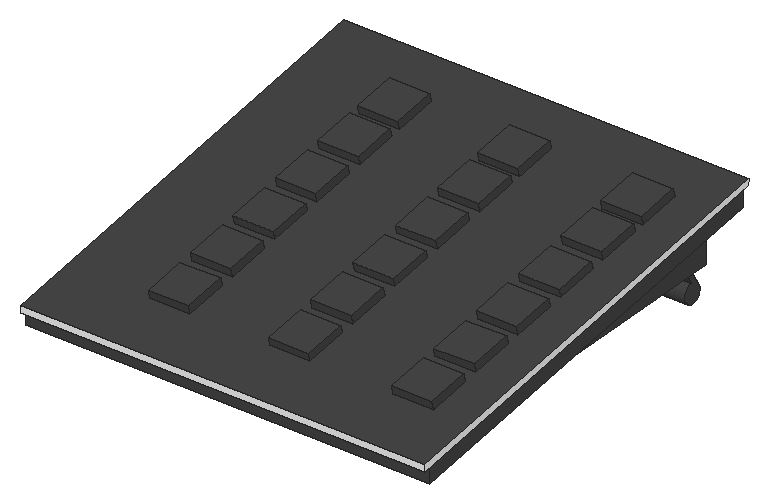
Revit family "Digital_Media-Honeywell-Digital_Key_Module-583526", category Electrical Equipment, host Face, Revit 2017
Family settings
  Host = Face
  Round Connector Dimension = Use Diameter
  Part Type = Equipment Switch
  OmniClass Number = 23.85.50.00
  OmniClass Title = Communication Systems
  Cut with Voids When Loaded = No
  Shared = No
  Room Calculation Point = No
Parameters (values of type "Digital Key Module DKM plus - 583526")
  Width = 200 mm  # constant formula
  Weight = 1.22 kgf  # constant formula
  Watts = 0 W
  Version = "2017 - v1.0a"  # constant formula
  Utility = no
  Power Factor = 1
  Number of Poles = 1
  Manufacturer Phone Number = "02131/40615-600"  # constant formula
  Manufacturer Fax Number = "02131/40615-606"  # constant formula
  Manufacturer Email = "mailto:info@esser-systems.com"
  Manufacturer Address = "Dieselstr. 2 41469 Neuss Germany"  # constant formula
  Load Sub-Classification = no
  Frequency = 0 Hz
  Finish = Metal - Honeywell - Stainless Steel - Black
  URL = "www.esser-systems.com"
  Support Phone = "(224) 699-9545"  # constant formula
  Support Email = "mailto:support@anguleris.com"
  Product Page URL = "https://www.esser-systems.com/en/products/details/variodyn-d1/call-stations/583526-digital-key-module-dkm-plus-1/"
  Product Name = "Digital Key Module"  # constant formula
  Product Documentation Link = "https://www.esser-systems.com/en/products/details/variodyn-d1/call-stations/583526-digital-key-module-dkm-plus-1/download/productdatasheet/3000749"
  Model = "583526"  # constant formula
  Material = ""
  Manufacturer = "Honeywell International"  # constant formula
  Keynote = ""
  Height = 49.4 mm  # constant formula
  Description = "Digital Key Module DKM plus"  # constant formula
  Depth = 200 mm  # constant formula
  Default Elevation = 0 mm
  Copyright = "© Copyright 2005-2019 Honeywell International Inc. All rights reserved."  # constant formula
  Assembly Code = ""
  Apparent Load = 0 VA
  Ambient Temperature = "-5 °C ... 55 °C"  # constant formula
  Air Humidity = "15 ... 95 %"  # constant formula
Reference planes
  plane 1 "Center (Front/Back)": y = 307.025
  plane 2: z = 0
  plane 3 "Center (Left/Right)": x = -38.5
  plane 4: x = -138.5
  plane 5: x = 61.5
  plane 6 "rear": y = 407.025
  plane 7: y = 207.025
  plane 8 "Back": z = 49.4
  plane 9: x = -158.75
  plane 10 "top": through (0, 376.142, 43.015) normal (0, -0.1896, 0.9819)
  plane 11 "MIC": x = -94.904
Forms (mm)
  Extrusion 1, solid, material "Metal - Honeywell - Stainless Steel - Black" <- "Finish"
    sketch origin (-38.5, 0, 0) x (0, 1, 0) y (0, 0, 1)
      loop
        line (210.35, 7.973) -> (210.35, 0.646) -> (403.309, 38.154) -> (403.309, 45.48) -> (210.35, 7.973)
    from -100 to 100
  Extrusion 2, solid, material "Metal - Honeywell - Stainless Steel - Black" <- "Finish"
    sketch origin (-38.5, 0, 0) x (0, 1, 0) y (0, 0, 1)
      loop
        line (406.904, 49.206) -> (207.025, 10.354) -> (207.025, 7.326) -> (406.904, 46.179) -> (406.904, 49.206)
    from 100 to -100
  Extrusion 3, solid, material "Metal - Honeywell - Stainless Steel - Black" <- "Finish"
    sketch origin (1.25, 5.514, -28.556) x (0, 0.981861, 0.189603) y (-1, 0, 0)
      loop
        line (385.943, 39.24) -> (365.943, 39.24) -> (365.943, 19.24) -> (385.943, 19.24) -> (385.943, 39.24)
      loop
        line (385.943, -41.677) -> (385.943, -21.677) -> (365.943, -21.677) -> (365.943, -41.677) -> (385.943, -41.677)
      loop
        line (360.943, 39.24) -> (340.943, 39.24) -> (340.943, 19.24) -> (360.943, 19.24) -> (360.943, 39.24)
      loop
        line (360.943, -41.677) -> (360.943, -21.677) -> (340.943, -21.677) -> (340.943, -41.677) -> (360.943, -41.677)
      loop
        line (334.267, 39.24) -> (314.267, 39.24) -> (314.267, 19.24) -> (334.267, 19.24) -> (334.267, 39.24)
      loop
        line (334.267, -41.677) -> (334.267, -21.677) -> (314.267, -21.677) -> (314.267, -41.677) -> (334.267, -41.677)
      loop
        line (307.591, 39.24) -> (287.591, 39.24) -> (287.591, 19.24) -> (307.591, 19.24) -> (307.591, 39.24)
      loop
        line (307.591, -41.677) -> (307.591, -21.677) -> (287.591, -21.677) -> (287.591, -41.677) -> (307.591, -41.677)
      loop
        line (280.915, 39.24) -> (260.915, 39.24) -> (260.915, 19.24) -> (280.915, 19.24) -> (280.915, 39.24)
      loop
        line (280.915, -41.677) -> (280.915, -21.677) -> (260.915, -21.677) -> (260.915, -41.677) -> (280.915, -41.677)
      loop
        line (254.238, 39.24) -> (234.238, 39.24) -> (234.238, 19.24) -> (254.238, 19.24) -> (254.238, 39.24)
      loop
        line (254.238, -41.677) -> (254.238, -21.677) -> (234.238, -21.677) -> (234.238, -41.677) -> (254.238, -41.677)
      loop
        line (385.943, 98.615) -> (365.943, 98.615) -> (365.943, 78.615) -> (385.943, 78.615) -> (385.943, 98.615)
      loop
        line (360.943, 98.615) -> (340.943, 98.615) -> (340.943, 78.615) -> (360.943, 78.615) -> (360.943, 98.615)
      loop
        line (334.267, 98.615) -> (314.267, 98.615) -> (314.267, 78.615) -> (334.267, 78.615) -> (334.267, 98.615)
      loop
        line (307.591, 98.615) -> (287.591, 98.615) -> (287.591, 78.615) -> (307.591, 78.615) -> (307.591, 98.615)
      loop
        line (280.915, 98.615) -> (260.915, 98.615) -> (260.915, 78.615) -> (280.915, 78.615) -> (280.915, 98.615)
      loop
        line (254.238, 98.615) -> (234.238, 98.615) -> (234.238, 78.615) -> (254.238, 78.615) -> (254.238, 98.615)
    from 0 to 3.788
  Extrusion 4, solid, material "Metal - Honeywell - Stainless Steel - Black" <- "Finish"
    sketch origin (-38.5, 0, 0) x (0, 1, 0) y (0, 0, 1)
      loop
        line (387.709, 35.121) -> (258.38, 9.982) -> (387.709, 17.793) -> (387.709, 35.121)
    from -92.903 to 94.458
  Extrusion 5, solid, material "Metal - Honeywell - Stainless Steel - Black" <- "Finish"
    sketch origin (-38.5, 0, 0) x (0, 1, 0) y (0, 0, 1)
      loop
        line (382.199, 17.46) -> (379.491, 17.46) -> (384.034, 9.591)
        arc (384.034, 9.591) -> (381.441, 1.145) -> (388.77, 6.079) r 4.686
        line (388.77, 6.079) -> (382.199, 17.46)
    from 76.71 to 90.347
  Extrusion 6, solid, material "Metal - Honeywell - Stainless Steel - Black" <- "Finish"
    sketch origin (-38.5, 0, 0) x (0, 1, 0) y (0, 0, -1)
      loop
        line (382.199, -17.46) -> (388.77, -6.079)
        arc (388.77, -6.079) -> (381.441, -1.145) -> (384.034, -9.591) r 4.686
        line (384.034, -9.591) -> (379.491, -17.46) -> (382.199, -17.46)
    from 76.71 to 90.347
Lines and regions (mm)
  Masking region 1
    outline origin (0, 0, 0) x (1, 0, 0) y (0, 1, 0)
      loop
        line (-138.5, 407.025) -> (-138.5, 207.025) -> (61.5, 207.025) -> (61.5, 407.025) -> (-138.5, 407.025)
  Split face 1
    outline origin (-38.5, 406.904, 49.206) x (0, -0.981627, -0.190809) y (1, 0, 0)
      loop
        line (12.264, 25.508) -> (187.264, 25.508) -> (187.264, 55.508) -> (12.264, 55.508) -> (12.264, 25.508)
  Split face 2
    outline origin (-38.5, 406.904, 49.206) x (0, -0.981627, -0.190809) y (1, 0, 0)
      loop
        line (187.264, -5.742) -> (12.264, -5.742) -> (12.264, -35.742) -> (187.264, -35.742) -> (187.264, -5.742)
  Split face 3
    outline origin (1.25, 4.796, -24.837) x (0, 0.981861, 0.189603) y (-1, 0, 0)
      loop
        circle (355.95, 34.589) r 1.359
  Split face 4
    outline origin (1.25, 4.796, -24.837) x (0, 0.981861, 0.189603) y (-1, 0, 0)
      loop
        circle (329.274, 34.589) r 1.359
  Split face 5
    outline origin (1.25, 4.796, -24.837) x (0, 0.981861, 0.189603) y (-1, 0, 0)
      loop
        circle (302.597, 34.589) r 1.359
  Split face 6
    outline origin (1.25, 4.796, -24.837) x (0, 0.981861, 0.189603) y (-1, 0, 0)
      loop
        circle (275.921, 34.589) r 1.359
  Split face 7
    outline origin (1.25, 4.796, -24.837) x (0, 0.981861, 0.189603) y (-1, 0, 0)
      loop
        circle (249.245, 34.589) r 1.359
  Split face 8
    outline origin (1.25, 4.796, -24.837) x (0, 0.981861, 0.189603) y (-1, 0, 0)
      loop
        circle (249.245, -26.328) r 1.359
  Split face 9
    outline origin (1.25, 4.796, -24.837) x (0, 0.981861, 0.189603) y (-1, 0, 0)
      loop
        circle (275.921, -26.328) r 1.359
  Split face 10
    outline origin (1.25, 4.796, -24.837) x (0, 0.981861, 0.189603) y (-1, 0, 0)
      loop
        circle (302.597, -26.328) r 1.359
  Split face 11
    outline origin (1.25, 4.796, -24.837) x (0, 0.981861, 0.189603) y (-1, 0, 0)
      loop
        circle (329.274, -26.328) r 1.359
  Split face 12
    outline origin (1.25, 4.796, -24.837) x (0, 0.981861, 0.189603) y (-1, 0, 0)
      loop
        circle (355.95, -26.328) r 1.359
  Split face 13
    outline origin (1.25, 4.796, -24.837) x (0, 0.981861, 0.189603) y (-1, 0, 0)
      loop
        circle (380.95, -26.328) r 1.359
  Split face 14
    outline origin (-38.5, 406.904, 49.206) x (0, -0.981627, -0.190809) y (1, 0, 0)
      loop
        line (187.264, -93.242) -> (187.264, -63.242) -> (12.264, -63.242) -> (12.264, -93.242) -> (187.264, -93.242)
  Split face 15
    outline origin (1.25, 4.796, -24.837) x (0, 0.981861, 0.189603) y (-1, 0, 0)
      loop
        circle (249.245, 93.964) r 1.359
  Split face 16
    outline origin (1.25, 4.796, -24.837) x (0, 0.981861, 0.189603) y (-1, 0, 0)
      loop
        circle (275.921, 93.964) r 1.359
  Split face 17
    outline origin (1.25, 4.796, -24.837) x (0, 0.981861, 0.189603) y (-1, 0, 0)
      loop
        circle (302.597, 93.964) r 1.359
  Split face 18
    outline origin (1.25, 4.796, -24.837) x (0, 0.981861, 0.189603) y (-1, 0, 0)
      loop
        circle (329.274, 93.964) r 1.359
  Split face 19
    outline origin (1.25, 4.796, -24.837) x (0, 0.981861, 0.189603) y (-1, 0, 0)
      loop
        circle (355.95, 93.964) r 1.359
  Split face 20
    outline origin (1.25, 4.796, -24.837) x (0, 0.981861, 0.189603) y (-1, 0, 0)
      loop
        circle (380.95, 34.589) r 1.359
  Split face 21
    outline origin (1.25, 4.796, -24.837) x (0, 0.981861, 0.189603) y (-1, 0, 0)
      loop
        circle (380.95, 93.964) r 1.359
  symbolic lines
    curve 1: line (22.56, 281.114, 0) -> (42.56, 281.114, 0)
    curve 2: line (22.56, 261.725, 0) -> (22.56, 281.114, 0)
    curve 3: line (42.56, 261.725, 0) -> (22.56, 261.725, 0)
    curve 4: line (42.56, 281.114, 0) -> (42.56, 261.725, 0)
    curve 5: line (22.56, 255.098, 0) -> (42.56, 255.098, 0)
    curve 6: line (22.56, 234.786, 0) -> (22.56, 255.098, 0)
    curve 7: line (42.56, 234.786, 0) -> (22.56, 234.786, 0)
    curve 8: line (42.56, 255.098, 0) -> (42.56, 234.786, 0)
    curve 9: line (22.56, 333.499, 0) -> (42.56, 333.499, 0)
    curve 10: line (22.56, 314.109, 0) -> (22.56, 333.499, 0)
    curve 11: line (42.56, 314.109, 0) -> (22.56, 314.109, 0)
    curve 12: line (42.56, 333.499, 0) -> (42.56, 314.109, 0)
    curve 13: line (22.56, 307.483, 0) -> (42.56, 307.483, 0)
    curve 14: line (22.56, 287.17, 0) -> (22.56, 307.483, 0)
    curve 15: line (42.56, 287.17, 0) -> (22.56, 287.17, 0)
    curve 16: line (42.56, 307.483, 0) -> (42.56, 287.17, 0)
    curve 17: line (22.56, 385.165, 0) -> (42.56, 385.165, 0)
    curve 18: line (22.56, 365.776, 0) -> (22.56, 385.165, 0)
    curve 19: line (42.56, 365.776, 0) -> (22.56, 365.776, 0)
    curve 20: line (42.56, 385.165, 0) -> (42.56, 365.776, 0)
    curve 21: line (22.56, 359.149, 0) -> (42.56, 359.149, 0)
    curve 22: line (22.56, 338.837, 0) -> (22.56, 359.149, 0)
    curve 23: line (42.56, 338.837, 0) -> (22.56, 338.837, 0)
    curve 24: line (42.56, 359.149, 0) -> (42.56, 338.837, 0)
    curve 25: line (-37.44, 385.165, 0) -> (-17.44, 385.165, 0)
    curve 26: line (-37.44, 365.776, 0) -> (-37.44, 385.165, 0)
    curve 27: line (-17.44, 365.776, 0) -> (-37.44, 365.776, 0)
    curve 28: line (-17.44, 385.165, 0) -> (-17.44, 365.776, 0)
    curve 29: line (-37.44, 359.149, 0) -> (-17.44, 359.149, 0)
    curve 30: line (-37.44, 338.837, 0) -> (-37.44, 359.149, 0)
    curve 31: line (-17.44, 338.837, 0) -> (-37.44, 338.837, 0)
    curve 32: line (-17.44, 359.149, 0) -> (-17.44, 338.837, 0)
    curve 33: line (-37.44, 332.78, 0) -> (-17.44, 332.78, 0)
    curve 34: line (-37.44, 313.391, 0) -> (-37.44, 332.78, 0)
    curve 35: line (-17.44, 313.391, 0) -> (-37.44, 313.391, 0)
    curve 36: line (-17.44, 332.78, 0) -> (-17.44, 313.391, 0)
    curve 37: line (-37.44, 306.765, 0) -> (-17.44, 306.765, 0)
    curve 38: line (-37.44, 286.452, 0) -> (-37.44, 306.765, 0)
    curve 39: line (-17.44, 286.452, 0) -> (-37.44, 286.452, 0)
    curve 40: line (-17.44, 306.765, 0) -> (-17.44, 286.452, 0)
    curve 41: line (-37.44, 281.114, 0) -> (-17.44, 281.114, 0)
    curve 42: line (-37.44, 261.725, 0) -> (-37.44, 281.114, 0)
    curve 43: line (-17.44, 261.725, 0) -> (-37.44, 261.725, 0)
    curve 44: line (-17.44, 281.114, 0) -> (-17.44, 261.725, 0)
    curve 45: line (-37.44, 255.098, 0) -> (-17.44, 255.098, 0)
    curve 46: line (-37.44, 234.786, 0) -> (-37.44, 255.098, 0)
    curve 47: line (-17.44, 234.786, 0) -> (-37.44, 234.786, 0)
    curve 48: line (-17.44, 255.098, 0) -> (-17.44, 234.786, 0)
    curve 49: line (-97.44, 281.114, 0) -> (-77.44, 281.114, 0)
    curve 50: line (-97.44, 261.725, 0) -> (-97.44, 281.114, 0)
    curve 51: line (-77.44, 261.725, 0) -> (-97.44, 261.725, 0)
    curve 52: line (-77.44, 281.114, 0) -> (-77.44, 261.725, 0)
    curve 53: line (-97.44, 255.098, 0) -> (-77.44, 255.098, 0)
    curve 54: line (-97.44, 234.786, 0) -> (-97.44, 255.098, 0)
    curve 55: line (-77.44, 234.786, 0) -> (-97.44, 234.786, 0)
    curve 56: line (-77.44, 255.098, 0) -> (-77.44, 234.786, 0)
    curve 57: line (-97.44, 333.499, 0) -> (-77.44, 333.499, 0)
    curve 58: line (-97.44, 314.109, 0) -> (-97.44, 333.499, 0)
    curve 59: line (-77.44, 314.109, 0) -> (-97.44, 314.109, 0)
    curve 60: line (-77.44, 333.499, 0) -> (-77.44, 314.109, 0)
    curve 61: line (-97.44, 307.483, 0) -> (-77.44, 307.483, 0)
    curve 62: line (-97.44, 287.17, 0) -> (-97.44, 307.483, 0)
    curve 63: line (-77.44, 287.17, 0) -> (-97.44, 287.17, 0)
    curve 64: line (-77.44, 307.483, 0) -> (-77.44, 287.17, 0)
    curve 65: line (-97.44, 385.165, 0) -> (-77.44, 385.165, 0)
    curve 66: line (-97.44, 365.776, 0) -> (-97.44, 385.165, 0)
    curve 67: line (-77.44, 365.776, 0) -> (-97.44, 365.776, 0)
    curve 68: line (-77.44, 385.165, 0) -> (-77.44, 365.776, 0)
    curve 69: line (-97.44, 359.149, 0) -> (-77.44, 359.149, 0)
    curve 70: line (-97.44, 338.837, 0) -> (-97.44, 359.149, 0)
    curve 71: line (-77.44, 338.837, 0) -> (-97.44, 338.837, 0)
    curve 72: line (-77.44, 359.149, 0) -> (-77.44, 338.837, 0)
Dimensions and locks
  "Depth": plane 7 to plane 6 "rear"
  equal spacing: plane 4, plane 3 "Center (Left/Right)", plane 5
  "Width": plane 4 to plane 5
  equal spacing: plane 7, plane 1 "Center (Front/Back)", plane 6 "rear"
  "Height": plane 8 "Back" to level
  locked: host sketch curve to plane 3 "Center (Left/Right)" at 1219.2  (x36)
  locked: host sketch curve to plane 1 "Center (Front/Back)" at 1536.225  (x18)
  locked: host sketch curve to plane 1 "Center (Front/Back)" at 902.175  (x18)
  Extrusion 2 to plane 3 "Center (Left/Right)" = 100 mm
  plane 3 "Center (Left/Right)" to Extrusion 2 = 100 mm
  plane 3 "Center (Left/Right)" to Extrusion 3 = 0.51 mm  (x4)
  plane 3 "Center (Left/Right)" to Extrusion 3 = 20.51 mm  (x4)
  Extrusion 3 to plane 3 "Center (Left/Right)" = 61.427 mm  (x4)
  Extrusion 3 to plane 3 "Center (Left/Right)" = 81.427 mm  (x4)
  plane 3 "Center (Left/Right)" to Extrusion 3 sketch curve = 20.51 mm  (x24)
  plane 3 "Center (Left/Right)" to Extrusion 3 sketch curve = 0.51 mm  (x24)
  Extrusion 3 sketch curve to plane 3 "Center (Left/Right)" = 61.427 mm  (x24)
  Extrusion 3 sketch curve to plane 3 "Center (Left/Right)" = 81.427 mm  (x24)
  Extrusion 3 sketch curve to plane 1 "Center (Front/Back)" = 77.432 mm  (x12)
  plane 1 "Center (Front/Back)" to Extrusion 3 sketch curve = 33.248 mm  (x12)
  plane 1 "Center (Front/Back)" to Extrusion 3 sketch curve = 52.885 mm  (x12)
  plane 1 "Center (Front/Back)" to Extrusion 3 sketch curve = 7.056 mm  (x12)
  plane 1 "Center (Front/Back)" to Extrusion 3 sketch curve = 26.693 mm  (x12)
  Extrusion 3 sketch curve to plane 1 "Center (Front/Back)" = 19.137 mm  (x12)
  plane 1 "Center (Front/Back)" to Extrusion 3 sketch curve = 0.501 mm  (x12)
  Extrusion 3 sketch curve to level = 40.828 mm  (x12)
  Extrusion 3 sketch curve to level = 44.62 mm  (x12)
  Extrusion 3 sketch curve to level = 36.088 mm  (x12)
  Extrusion 3 sketch curve to level = 39.88 mm  (x12)
  Extrusion 3 sketch curve to level = 31.03 mm  (x12)
  Extrusion 3 sketch curve to level = 34.822 mm  (x12)
  Extrusion 3 sketch curve to level = 25.972 mm  (x12)
  Extrusion 3 sketch curve to level = 29.765 mm  (x12)
  Extrusion 4 to plane 3 "Center (Left/Right)" to Extrusion 4 = 92.903 mm locked, 94.458 mm locked
  Extrusion 6 to Extrusion 6 to plane 3 "Center (Left/Right)" to Extrusion 5 to Extrusion 5 = 13.637 mm locked, 76.71 mm locked, 76.71 mm locked, 13.637 mm locked  (x2)
  locked: Extrusion 1 sketch curve to plane 1 "Center (Front/Back)" at 96.284  (x12)
  locked: Extrusion 1 sketch curve to plane 1 "Center (Front/Back)" at 96.675  (x12)
  locked: Extrusion 2 sketch curve to plane 1 "Center (Front/Back)" at 100  (x12)
  locked: Extrusion 2 sketch curve to plane 1 "Center (Front/Back)" at 99.879  (x12)
  locked: Extrusion 3 to plane 3 "Center (Left/Right)" at 20.51  (x24)
  locked: Extrusion 3 to plane 3 "Center (Left/Right)" at 61.427  (x24)
  locked: Extrusion 3 to plane 3 "Center (Left/Right)" at 81.427  (x24)
  locked: Extrusion 3 sketch curve to plane 3 "Center (Left/Right)" at 20.51  (x72)
  locked: Extrusion 3 sketch curve to plane 3 "Center (Left/Right)" at 61.427  (x72)
  locked: Extrusion 3 sketch curve to plane 3 "Center (Left/Right)" at 81.427  (x72)
  locked: Extrusion 3 sketch curve to plane 1 "Center (Front/Back)" at 57.795  (x30)
  locked: Extrusion 3 sketch curve to plane 1 "Center (Front/Back)" at 77.432  (x30)
  locked: Extrusion 3 sketch curve to plane 1 "Center (Front/Back)" at 33.248  (x30)
  locked: Extrusion 3 sketch curve to plane 1 "Center (Front/Back)" at 52.885  (x30)
  locked: Extrusion 3 sketch curve to plane 1 "Center (Front/Back)" at 7.056  (x30)
  locked: Extrusion 3 sketch curve to plane 1 "Center (Front/Back)" at 26.693  (x30)
  locked: Extrusion 3 sketch curve to plane 1 "Center (Front/Back)" at 19.137  (x30)
  locked: Extrusion 3 sketch curve to plane 1 "Center (Front/Back)" at 45.329  (x30)
  locked: Extrusion 3 sketch curve to plane 1 "Center (Front/Back)" at 25.692  (x30)
  locked: Extrusion 3 sketch curve to plane 1 "Center (Front/Back)" at 71.521  (x30)
  locked: Extrusion 3 sketch curve to plane 1 "Center (Front/Back)" at 51.884  (x30)
  locked: Extrusion 3 sketch curve to level at 40.828  (x30)
  locked: Extrusion 3 sketch curve to level at 44.62  (x30)
  locked: Extrusion 3 sketch curve to level at 36.088  (x30)
  locked: Extrusion 3 sketch curve to level at 39.88  (x30)
  locked: Extrusion 3 sketch curve to level at 31.03  (x30)
  locked: Extrusion 3 sketch curve to level at 34.822  (x30)
  locked: Extrusion 3 sketch curve to level at 25.972  (x30)
  locked: Extrusion 3 sketch curve to level at 29.765  (x30)
  locked: Extrusion 3 sketch curve to level at 20.915  (x30)
  locked: Extrusion 3 sketch curve to level at 24.707  (x30)
  locked: Extrusion 3 sketch curve to level at 15.857  (x30)
  locked: Extrusion 3 sketch curve to level at 19.649  (x30)
  locked: Extrusion 4 to plane 3 "Center (Left/Right)" at 94.458  (x4)
  locked: Extrusion 4 to plane 3 "Center (Left/Right)" at 92.903  (x4)
  locked: Extrusion 4 to plane 1 "Center (Front/Back)" at 80.684  (x4)
  locked: Extrusion 4 sketch curve to plane 1 "Center (Front/Back)" at 80.684  (x12)
  locked: Extrusion 5 to plane 3 "Center (Left/Right)" at 90.347  (x4)
  locked: Extrusion 5 to plane 3 "Center (Left/Right)" at 76.71  (x4)
  locked: Extrusion 5 sketch curve to plane 1 "Center (Front/Back)" at 77.009  (x4)
  locked: Extrusion 5 sketch curve to plane 1 "Center (Front/Back)" at 81.744  (x4)
  locked: Extrusion 5 to level at 17.46  (x4)
  locked: Extrusion 5 sketch curve to level at 9.591  (x4)
  locked: Extrusion 5 sketch curve to level at 6.079  (x4)
  locked: Extrusion 5 sketch curve to level at 17.46  (x12)
  Extrusion 5 sketch curve to plane 1 "Center (Front/Back)" = 72.521 mm
  locked: Extrusion 5 sketch curve to level at 0.223  (x2)
  locked: Extrusion 6 to plane 3 "Center (Left/Right)" at 90.347  (x4)
  locked: Extrusion 6 to plane 3 "Center (Left/Right)" at 76.71  (x4)
  locked: Extrusion 6 sketch curve to plane 1 "Center (Front/Back)" at 77.009  (x4)
  locked: Extrusion 6 sketch curve to plane 1 "Center (Front/Back)" at 81.744  (x4)
  locked: Extrusion 6 to level at 17.46  (x4)
  locked: Extrusion 6 sketch curve to level at 9.591  (x4)
  locked: Extrusion 6 sketch curve to level at 6.079  (x4)
  locked: Extrusion 6 sketch curve to level at 17.46  (x12)
  Extrusion 6 sketch curve to plane 1 "Center (Front/Back)" = 72.521 mm
  locked: Extrusion 6 sketch curve to level at 0.223  (x2)
  plane 8 "Back" to Extrusion 4 sketch curve to Extrusion 4 sketch curve to Extrusion 4 sketch curve = 14.279 mm locked, 17.328 mm locked, 7.811 mm locked
  locked: Extrusion 3 to plane 10 "top" at 3.788
  locked: Extrusion 1 to plane 3 "Center (Left/Right)" at 100  (x4)
  locked: Extrusion 1 to plane 1 "Center (Front/Back)" at 96.675  (x2)
  locked: Extrusion 1 to plane 1 "Center (Front/Back)" at 96.284  (x2)
  locked: Extrusion 2 to plane 3 "Center (Left/Right)" at 100  (x4)
  locked: Extrusion 2 to plane 1 "Center (Front/Back)" at 100  (x2)
  locked: Extrusion 2 to plane 1 "Center (Front/Back)" at 99.879  (x2)
  locked: Extrusion 3 to plane 3 "Center (Left/Right)" at 58.865  (x12)
  locked: Extrusion 3 to plane 3 "Center (Left/Right)" at 38.865  (x12)
  locked: Extrusion 3 sketch curve to plane 3 "Center (Left/Right)" at 38.865  (x36)
  locked: Extrusion 3 sketch curve to plane 3 "Center (Left/Right)" at 58.865  (x36)
  locked: Extrusion 5 sketch curve to plane 1 "Center (Front/Back)" at 72.521
  locked: Extrusion 6 sketch curve to plane 1 "Center (Front/Back)" at 72.521
  plane 8 "Back" to Extrusion 1 sketch curve to Extrusion 1 sketch curve to Extrusion 1 sketch curve to Extrusion 1 sketch curve = 3.92 mm locked, 7.326 mm locked, 30.181 mm locked, 7.326 mm locked
  plane 8 "Back" to Extrusion 2 sketch curve to Extrusion 2 sketch curve to Extrusion 2 sketch curve to Extrusion 2 sketch curve = 0.194 mm locked, 3.027 mm locked, 35.825 mm locked, 3.027 mm locked
  aligned and locked: plane 2 to host face
  aligned and locked: plane 4 to Masking region 1 sketch curve
  aligned and locked: Masking region 1 sketch curve to plane 5
  aligned and locked: Masking region 1 sketch curve to plane 7
  aligned and locked: plane 6 "rear" to Masking region 1 sketch curve
  aligned and locked: Extrusion 2 to plane 4
  aligned and locked: plane 5 to Extrusion 2
  aligned and locked: Extrusion 1 to plane 4
  aligned and locked: plane 5 to Extrusion 1
Automatic sketch dimensions
  plane 11 "MIC" to curve 49 = 2.537 mm
  plane 11 "MIC" to curve 71 = 2.537 mm
  plane 11 "MIC" to curve 53 = 2.537 mm
  plane 11 "MIC" to curve 67 = 2.537 mm
  plane 11 "MIC" to curve 57 = 2.537 mm
  plane 11 "MIC" to curve 63 = 2.537 mm
  curve 60 to plane 1 "Center (Front/Back)" = 7.084 mm
  curve 60 to plane 11 "MIC" = 17.463 mm
  curve 63 to plane 11 "MIC" = 17.463 mm
  curve 65 to plane 11 "MIC" = 17.463 mm
  curve 56 to plane 11 "MIC" = 17.463 mm
  curve 69 to curve 67 = 0 mm
  curve 52 to curve 53 = 0 mm
  plane 3 "Center (Left/Right)" to curve 25 = 1.06 mm
  plane 3 "Center (Left/Right)" to curve 47 = 1.06 mm
  plane 3 "Center (Left/Right)" to curve 29 = 1.06 mm
  plane 3 "Center (Left/Right)" to curve 43 = 1.06 mm
  plane 3 "Center (Left/Right)" to curve 33 = 1.06 mm
  plane 3 "Center (Left/Right)" to curve 39 = 1.06 mm
  curve 36 to plane 1 "Center (Front/Back)" = 6.366 mm
  curve 34 to curve 36 = 20 mm
  plane 1 "Center (Front/Back)" to curve 37 = 0.261 mm
  curve 37 to curve 35 = 0 mm
  curve 32 to curve 33 = 0 mm
  curve 41 to curve 39 = 0 mm
  curve 28 to curve 29 = 0 mm
  curve 45 to curve 43 = 0 mm
  curve 2 to plane 5 = 38.94 mm
  curve 23 to plane 5 = 38.94 mm
  curve 5 to curve 2 = 0 mm
  curve 19 to curve 21 = 0 mm
  curve 9 to curve 22 = 0 mm
  curve 15 to curve 1 = 0 mm
  curve 12 to plane 1 "Center (Front/Back)" = 7.084 mm
  curve 12 to plane 5 = 18.94 mm
  curve 15 to plane 5 = 18.94 mm
  curve 17 to plane 5 = 18.94 mm
  curve 8 to plane 5 = 18.94 mm
  curve 21 to curve 19 = 0 mm
  curve 4 to curve 5 = 0 mm
  plane 1 "Center (Front/Back)" to curve 64 = 19.855 mm
  plane 1 "Center (Front/Back)" to curve 16 = 19.855 mm
  curve 38 to curve 37 = 20.313 mm
  curve 1 to curve 14 = 6.056 mm
  curve 41 to curve 38 = 5.338 mm
  curve 49 to curve 62 = 6.056 mm
  curve 43 to curve 41 = 19.389 mm
  curve 51 to curve 49 = 19.389 mm
  curve 4 to curve 1 = 19.389 mm
  curve 45 to curve 43 = 6.626 mm
  curve 6 to curve 2 = 6.626 mm
  curve 56 to curve 51 = 6.626 mm
  curve 55 to curve 53 = 20.313 mm
  curve 6 to curve 5 = 20.313 mm
  curve 48 to curve 45 = 20.313 mm
  curve 16 to plane 1 "Center (Front/Back)" = 0.458 mm
  curve 61 to plane 1 "Center (Front/Back)" = 0.458 mm
  curve 35 to curve 33 = 19.389 mm
  curve 11 to curve 12 = 19.389 mm
  curve 59 to curve 57 = 19.389 mm
  curve 33 to curve 32 = 6.056 mm
  curve 9 to curve 22 = 5.338 mm
  curve 57 to curve 71 = 5.338 mm
  curve 30 to curve 29 = 20.313 mm
  curve 71 to curve 72 = 20.313 mm
  curve 23 to curve 24 = 20.313 mm
  curve 29 to curve 28 = 6.626 mm
  curve 21 to curve 19 = 6.626 mm
  curve 69 to curve 68 = 6.626 mm
  curve 67 to curve 65 = 19.389 mm
  curve 19 to curve 20 = 19.389 mm
  curve 26 to curve 25 = 19.389 mm
  Extrusion 3 sketch curve to plane 11 "MIC" = 17.538 mm  (x2)
  Extrusion 3 sketch curve to plane 5 = 38.573 mm  (x3)
  Extrusion 3 sketch curve to Extrusion 3 sketch curve = 0 mm  (x15)
  Extrusion 3 sketch curve to Extrusion 3 sketch curve = 20 mm  (x18)
  plane 11 "MIC" to Extrusion 3 sketch curve = 2.462 mm  (x6)
  Extrusion 3 sketch curve to Extrusion 3 sketch curve = 6.676 mm  (x12)
  plane 3 "Center (Left/Right)" to Extrusion 3 sketch curve = 0.51 mm  (x6)
  Extrusion 3 sketch curve to Extrusion 3 sketch curve = 5 mm  (x3)
  Extrusion 3 sketch curve to plane 5 = 18.573 mm  (x3)
  plane 3 "Center (Left/Right)" to Extrusion 3 sketch curve = 20.51 mm  (x3)
  plane 1 "Center (Front/Back)" to Extrusion 4 sketch curve = 48.645 mm
  level to Extrusion 4 sketch curve = 9.982 mm
  Extrusion 5 sketch curve to Extrusion 5 sketch curve = 1.836 mm
  Extrusion 5 sketch curve to Extrusion 5 sketch curve = 2.708 mm
  level to Extrusion 5 sketch curve = 6.079 mm
  Extrusion 6 sketch curve to Extrusion 6 sketch curve = 1.836 mm
  Extrusion 6 sketch curve to Extrusion 6 sketch curve = 2.708 mm
  level to Extrusion 6 sketch curve = 6.079 mm
  Split face 1 sketch curve to Extrusion 2 = 12.264 mm
  Split face 1 sketch curve to Extrusion 2 = 16.355 mm
  Split face 1 sketch curve to Extrusion 2 = 74.492 mm
  Split face 1 sketch curve to Split face 1 sketch curve = 30 mm
  Split face 2 sketch curve to Extrusion 2 = 12.264 mm
  Split face 2 sketch curve to Extrusion 2 = 16.355 mm
  Split face 2 sketch curve to Extrusion 2 = 64.258 mm
  Split face 2 sketch curve to Split face 2 sketch curve = 30 mm
  Split face 3 sketch curve to Extrusion 3 = 4.993 mm
  Split face 3 sketch curve to Extrusion 3 = 4.651 mm
  Split face 4 sketch curve to Split face 4 sketch curve = 0 mm  (x2)
  Split face 4 sketch curve to Extrusion 3 = 4.993 mm
  Split face 4 sketch curve to Extrusion 3 = 4.651 mm
  Split face 4 sketch curve to Split face 4 sketch curve = 1.359 mm
  Split face 5 sketch curve to Split face 5 sketch curve = 0 mm  (x2)
  Split face 5 sketch curve to Extrusion 3 = 4.993 mm
  Split face 5 sketch curve to Extrusion 3 = 4.651 mm
  Split face 5 sketch curve to Split face 5 sketch curve = 1.359 mm
  Split face 6 sketch curve to Split face 6 sketch curve = 0 mm  (x2)
  Split face 6 sketch curve to Extrusion 3 = 4.993 mm
  Split face 6 sketch curve to Extrusion 3 = 4.651 mm
  Split face 6 sketch curve to Split face 6 sketch curve = 1.359 mm
  Split face 7 sketch curve to Split face 7 sketch curve = 0 mm  (x2)
  Split face 7 sketch curve to Extrusion 3 = 4.993 mm
  Split face 7 sketch curve to Extrusion 3 = 4.651 mm
  Split face 7 sketch curve to Split face 7 sketch curve = 1.359 mm
  Split face 8 sketch curve to Split face 8 sketch curve = 0 mm  (x2)
  Split face 8 sketch curve to Extrusion 3 = 4.993 mm
  Split face 8 sketch curve to Extrusion 3 = 4.651 mm
  Split face 8 sketch curve to Split face 8 sketch curve = 1.359 mm
  Split face 9 sketch curve to Split face 9 sketch curve = 0 mm  (x2)
  Split face 9 sketch curve to Extrusion 3 = 4.993 mm
  Split face 9 sketch curve to Extrusion 3 = 4.651 mm
  Split face 9 sketch curve to Split face 9 sketch curve = 1.359 mm
  Split face 10 sketch curve to Split face 10 sketch curve = 0 mm  (x2)
  Split face 10 sketch curve to Extrusion 3 = 4.993 mm
  Split face 10 sketch curve to Extrusion 3 = 4.651 mm
  Split face 10 sketch curve to Split face 10 sketch curve = 1.359 mm
  Split face 11 sketch curve to Split face 11 sketch curve = 0 mm  (x2)
  Split face 11 sketch curve to Extrusion 3 = 4.993 mm
  Split face 11 sketch curve to Extrusion 3 = 4.651 mm
  Split face 11 sketch curve to Split face 11 sketch curve = 1.359 mm
  Split face 12 sketch curve to Split face 12 sketch curve = 0 mm  (x2)
  Split face 12 sketch curve to Extrusion 3 = 4.993 mm
  Split face 12 sketch curve to Extrusion 3 = 4.651 mm
  Split face 12 sketch curve to Split face 12 sketch curve = 1.359 mm
  Split face 13 sketch curve to Split face 13 sketch curve = 0 mm  (x2)
  Split face 13 sketch curve to Extrusion 3 = 4.993 mm
  Split face 13 sketch curve to Extrusion 3 = 4.651 mm
  Split face 13 sketch curve to Split face 13 sketch curve = 1.359 mm
  Split face 14 sketch curve to Extrusion 2 = 12.264 mm
  Split face 14 sketch curve to Extrusion 2 = 16.355 mm
  Split face 14 sketch curve to Extrusion 2 = 6.758 mm
  Split face 14 sketch curve to Split face 14 sketch curve = 30 mm
  Split face 15 sketch curve to Split face 15 sketch curve = 0 mm  (x2)
  Split face 15 sketch curve to Extrusion 3 = 4.993 mm
  Extrusion 3 to Split face 15 sketch curve = 54.724 mm
  Split face 15 sketch curve to Split face 15 sketch curve = 1.359 mm
  Split face 16 sketch curve to Split face 16 sketch curve = 0 mm  (x2)
  Split face 16 sketch curve to Extrusion 3 = 4.993 mm
  Extrusion 3 to Split face 16 sketch curve = 54.724 mm
  Split face 16 sketch curve to Split face 16 sketch curve = 1.359 mm
  Split face 17 sketch curve to Split face 17 sketch curve = 0 mm  (x2)
  Split face 17 sketch curve to Extrusion 3 = 4.993 mm
  Extrusion 3 to Split face 17 sketch curve = 54.724 mm
  Split face 17 sketch curve to Split face 17 sketch curve = 1.359 mm
  Split face 18 sketch curve to Extrusion 3 = 4.993 mm
  Split face 18 sketch curve to Extrusion 3 = 4.651 mm
  Split face 18 sketch curve to Split face 18 sketch curve = 1.359 mm
  Split face 19 sketch curve to Split face 19 sketch curve = 0 mm  (x2)
  Split face 19 sketch curve to Extrusion 3 = 4.993 mm
  Extrusion 3 to Split face 19 sketch curve = 54.724 mm
  Split face 19 sketch curve to Split face 19 sketch curve = 1.359 mm
  Split face 20 sketch curve to Split face 20 sketch curve = 0 mm  (x2)
  Split face 20 sketch curve to Extrusion 3 = 4.993 mm
  Extrusion 3 to Split face 20 sketch curve = 56.266 mm
  Split face 20 sketch curve to Split face 20 sketch curve = 1.359 mm
  Split face 21 sketch curve to Split face 21 sketch curve = 0 mm  (x2)
  Split face 21 sketch curve to Extrusion 3 = 4.993 mm
  Extrusion 3 to Split face 21 sketch curve = 54.724 mm
  Split face 21 sketch curve to Split face 21 sketch curve = 1.359 mm
  radius of Split face 3 sketch curve = 1.359 mm
Connectors
  electrical at (-40, 407.025, 28.75), driven by "Apparent Load", driven by "Power Factor", driven by "Number of Poles"
    settings: index 1, voltage 0 V, apparent load 0 VA, apparent load phase1 0 VA, apparent load phase2 0 VA, apparent load phase3 0 VA, power factor 1, load classification "Other", number of poles 1, system type 31, power factor state 1, is connector primary yes, connector utility no, sub classification motor no, connector description "Electrical Connector"
  electrical at (47.5, 407.025, 28.75)
    settings: index 2, voltage 0 V, apparent load 0 VA, apparent load phase1 0 VA, apparent load phase2 0 VA, apparent load phase3 0 VA, power factor 1, load classification "Other", number of poles 1, system type 14, power factor state 1, is connector primary no, connector utility no, sub classification motor no, connector description "3 m long CAT5 cable"
